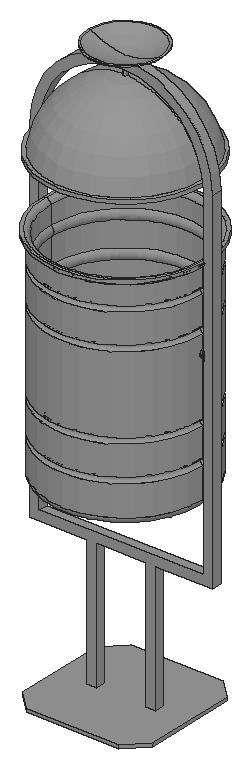
Revit family "Урна-пепельница 114", category Антураж, Revit 2017
Family settings
  На основе рабочей плоскости = Нет
  Всегда вертикально = Да
  При загрузке вырезать с полостями = Нет
  Источник визуального образа = Геометрия семейства
  Общий = Нет
  Точка расчета площади = Нет
Parameters (values of type "Урна-пепельница 114 (черный)")
  Стоимость = 2100
  Изготовитель = "ООО \"Хоббика\""
  Высота = 0 mm
  URL = "https://hobbyka.ru/product/urna-pepelnica_114/"
  ADSK_Размер_Ширина = 310 mm
  ADSK_Размер_Диаметр = 279 mm
  ADSK_Размер_Высота = 993 mm
  ADSK_Объем = 0.02 m³
  ADSK_Наименование = "Урна-пепельница 114"
  ADSK_Материал урны = Черный
  ADSK_Материал ведра = Черный
  ADSK_Код изделия = "7321"
Types (14, lengths in mm): name | Высота | ADSK_Материал ведра
  (no name) | 0 | Черный
  Урна-пепельница 114 (зеленый) | 993 | Зелёный RAL6029
  Урна-пепельница 114 (салатовый) | 993 | Салатовый RAL6018
  Урна-пепельница 114 (красный) | 993 | Красный RAL3020
  Урна-пепельница 114 (бордо) | 993 | Бордо RAL3004
  Урна-пепельница 114 (синий) | 993 | Синий RAL5002
  Урна-пепельница 114 (светло-серый) | 993 | Светло-серый RAL7035
  Урна-пепельница 114 (темно-серый) | 993 | Темно-серый RAL7040
  Урна-пепельница 114 (темный шоколад) | 993 | Темный шоколад
  Урна-пепельница 114 (черный) | 0 | Черный
  Урна-пепельница 114 (оранжевый) | 993 | Оранжевый RAL2008
  Урна-пепельница 114 (антик серебро) | 993 | Антик серебро
  Урна-пепельница 114 (антик медь) | 993 | Антик медь
  Урна-пепельница 114 (антик бронза) | 993 | Антик бронза
Reference planes
  plane 1 "По центру (Вперед/Назад)": y = 0
  plane 2: z = 0
  plane 3 "По центру (Влево/Вправо)": x = 0
  plane 4: z = 337
  plane 5: z = 993
  plane 6: z = 827
  plane 7: z = 827
Forms (mm)
  Revolve 1, solid, material "Черный" <- "ADSK_Материал ведра"
    sketch origin (0, 0, -6.062) x (1, 0, 0) y (0, 0, 1)
      loop
        arc (-126.286, 833.062) -> (-84.44, 913.363) -> (0, 946.062) r 128.361
        line (0, 946.062) -> (0, 952.062)
        arc (0, 952.062) -> (-86.416, 919.611) -> (-131.5, 839.062) r 134.361
        line (-131.5, 839.062) -> (-137.5, 839.062) -> (-137.5, 833.062) -> (-126.286, 833.062)
      axis (0, 952.062) -> (0, 833.062)
    angle from 0 to 360
  Revolve 2, solid, material "Черный" <- "ADSK_Материал урны"
    sketch origin (0, 0, -1.341) x (1, 0, 0) y (0, 0, 1)
      loop
        line (-58.728, 994.341) -> (-62, 994.341) -> (-62, 993.341) -> (-59, 993.341)
        arc (-59, 993.341) -> (-30.566, 981.165) -> (0, 976.423) r 123.709
        line (0, 976.423) -> (0, 977.423)
        arc (0, 977.423) -> (-30.434, 982.167) -> (-58.728, 994.341) r 122.709
      axis (0, 994.341) -> (0, 976.423)
    angle from 0 to 360
Dimensions and locks
  aligned and locked: level to plane 2
  aligned and locked: Revolve 2 to plane 5
Nested families
  nested 1: "урна" at (0, 0, 337), type "урна"
  nested 2: "опора_114" at (0, 0, 0), type "опора_114"
Definition of nested family "урна"
  Parameters (values of type "урна")
    Материал ведра = none
    ADSK_Антураж_Диаметр = 279 mm
  Reference planes
    plane 1 "По центру (Вперед/Назад)": y = 0
    plane 2: z = 0
    plane 3 "По центру (Влево/Вправо)": x = 0
  Forms (mm)
    Revolve 1, solid, material <- "Материал ведра"
      sketch origin (0, 0, 0) x (1, 0, 0) y (0, 0, 1)
        loop
          line (0, 0) -> (121.5, 0)
          arc (121.5, 0) -> (128.571, 2.929) -> (131.5, 10) r 10
          line (131.5, 10) -> (131.5, 62)
          arc (131.5, 62) -> (126.5, 67) -> (131.5, 72) r 5
          line (131.5, 72) -> (131.5, 122)
          arc (131.5, 122) -> (126.5, 127) -> (131.5, 132) r 5
          line (131.5, 132) -> (131.5, 262)
          arc (131.5, 262) -> (126.5, 267) -> (131.5, 272) r 5
          line (131.5, 272) -> (131.5, 322)
          arc (131.5, 322) -> (126.5, 327) -> (131.5, 332) r 5
          line (131.5, 332) -> (131.5, 363.963)
          arc (131.5, 363.963) -> (133.268, 368.232) -> (137.537, 370) r 6.037
          line (137.537, 370) -> (139.5, 370) -> (139.5, 375) -> (134.518, 375)
          arc (134.518, 375) -> (128.848, 372.652) -> (126.5, 366.982) r 8.018
          line (126.5, 366.982) -> (126.5, 335.66)
          arc (126.5, 335.66) -> (121.5, 327) -> (126.5, 318.34) r 10
          line (126.5, 318.34) -> (126.5, 275.66)
          arc (126.5, 275.66) -> (121.5, 267) -> (126.5, 258.34) r 10
          line (126.5, 258.34) -> (126.5, 135.66)
          arc (126.5, 135.66) -> (121.5, 127) -> (126.5, 118.34) r 10
          line (126.5, 118.34) -> (126.5, 75.66)
          arc (126.5, 75.66) -> (121.5, 67) -> (126.5, 58.34) r 10
          line (126.5, 58.34) -> (126.5, 15)
          arc (126.5, 15) -> (123.571, 7.929) -> (116.5, 5) r 10
          line (116.5, 5) -> (0, 5) -> (0, 0)
        axis (0, 0) -> (0, 375)
      angle from 0 to 360
  Dimensions and locks
    "ADSK_Антураж_Диаметр": diameter of Revolve 1
    aligned and locked: level to plane 2
  Automatic sketch dimensions
    Revolve 1 sketch curve to Revolve 1 sketch curve = 0 mm  (x11)
    Revolve 1 sketch curve to level = 0 mm
    Revolve 1 sketch curve to plane 3 "По центру (Влево/Вправо)" = 0 mm  (x2)
    level to Revolve 1 sketch curve = 5 mm
    plane 3 "По центру (Влево/Вправо)" to Revolve 1 sketch curve = 116.5 mm
    Revolve 1 sketch curve to Revolve 1 sketch curve = 5 mm  (x8)
    Revolve 1 sketch curve to Revolve 1 sketch curve = 3.018 mm
    Revolve 1 sketch curve to Revolve 1 sketch curve = 3.019 mm  (x2)
    Revolve 1 sketch curve to Revolve 1 sketch curve = 1.963 mm
    Revolve 1 sketch curve to Revolve 1 sketch curve = 43.34 mm
    Revolve 1 sketch curve to Revolve 1 sketch curve = 3.66 mm  (x4)
    Revolve 1 sketch curve to Revolve 1 sketch curve = 42.679 mm  (x2)
    Revolve 1 sketch curve to Revolve 1 sketch curve = 122.679 mm
    Revolve 1 sketch curve to Revolve 1 sketch curve = 28.303 mm
    Revolve 1 sketch curve to level = 40 mm
    Revolve 1 sketch curve to Revolve 1 sketch curve = 73.018 mm
Definition of nested family "опора_114"
  Parameters (values of type "опора_114")
    Материал урны = none
    ADSK_Антураж_Ширина = 310 mm
  Reference planes
    plane 1 "По центру (Вперед/Назад)": y = 0
    plane 2: z = 0
    plane 3 "По центру (Влево/Вправо)": x = 0
    plane 4: x = -50
    plane 5: x = 50
    plane 6: z = 224
    plane 7: z = 571
  Forms (mm)
    Extrusion 1, solid, material <- "Материал урны"
      sketch origin (0, 0, 0) x (1, 0, 0) y (0, 1, 0)
        loop
          line (-110, 78) -> (-110, -78) -> (-78, -110) -> (78, -110) -> (110, -78) -> (110, 78) -> (78, 110) -> (-78, 110) -> (-110, 78)
      from 0 to 5
    Extrusion 2, solid, material <- "Материал урны"
      sketch origin (0, 0, 0) x (1, 0, 0) y (0, 1, 0)
        loop
          line (-58, 7.979) -> (-58, -8.021) -> (-42, -8.021) -> (-42, 7.979) -> (-58, 7.979)
        loop
          line (42, 7.979) -> (42, -8.021) -> (58, -8.021) -> (58, 7.979) -> (42, 7.979)
      from 5 to 224
    Sweep 3, solid, material <- "Материал урны"
      path origin (0, 0, 0) x (1, 0, 0) y (0, 0, 1)
        loop
          line (-147, 232) -> (147, 232) -> (147, 820)
          arc (147, 820) -> (0, 967) -> (-147, 820) r 147
          line (-147, 820) -> (-147, 232)
      profile origin (0, 0, 232) x (0, 0, 1) y (0, -1, 0)
        loop
          line (-8, 8.021) -> (-8, -7.979) -> (8, -7.979) -> (8, 8.021) -> (-8, 8.021)
    Extrusion 4, solid, material <- "Материал урны"
      sketch origin (29.706, -1524, 959) x (0, -1, 0) y (-1, 0, 0)
        loop
          circle (-1524, 29.706) r 3
      from 0 to 13
    Extrusion 5, solid, material <- "Материал урны"
      sketch origin (139, -1524, 240) x (0, 0, -1) y (0, 1, 0)
        loop
          line (-339, 1531.979) -> (-339, 1515.979) -> (-323, 1515.979) -> (-323, 1531.979) -> (-339, 1531.979)
      from 0 to -2
    Revolve 6, solid, material <- "Материал урны"
      sketch origin (-30, 0, 0) x (-1, 0, 0) y (0, 0, 1)
        loop
          line (-167, 571) -> (-160, 571) -> (-160, 578) -> (-163, 578) -> (-163, 576) -> (-167, 576) -> (-167, 571)
        axis (-160, 571) -> (-167, 571)
      angle from 0 to 360
    Extrusion 7, solid, material <- "Материал урны"
      sketch origin (-139, -1524, 240) x (0, 0, -1) y (0, -1, 0)
        loop
          line (-339, -1531.979) -> (-323, -1531.979) -> (-323, -1515.979) -> (-339, -1515.979) -> (-339, -1531.979)
      from 0 to -2
    Revolve 8, solid, material <- "Материал урны"
      sketch origin (30, 0, 0) x (1, 0, 0) y (0, 0, 1)
        loop
          line (-167, 571) -> (-160, 571) -> (-160, 578) -> (-163, 578) -> (-163, 576) -> (-167, 576) -> (-167, 571)
        axis (-160, 571) -> (-167, 571)
      angle from 0 to 360
  Cuts and joins
    joined: Extrusion 1, Extrusion 2, Sweep 3, Extrusion 4
    joined: Extrusion 5, Revolve 6, Extrusion 7, Revolve 8
  Dimensions and locks
    equal spacing: Extrusion 1, plane 3 "По центру (Влево/Вправо)", Extrusion 1
    equal spacing: Extrusion 1, plane 1 "По центру (Вперед/Назад)", Extrusion 1
    aligned and locked: level to plane 2
    aligned and locked: plane 6 to Extrusion 2
    aligned and locked: Extrusion 2 to Extrusion 1
  Automatic sketch dimensions
    Extrusion 1 sketch curve to plane 4 = 60 mm
    Extrusion 1 sketch curve to plane 4 = 28 mm  (x2)
    plane 5 to Extrusion 1 sketch curve = 28 mm  (x2)
    Extrusion 1 sketch curve to Extrusion 1 sketch curve = 32 mm  (x4)
    plane 1 "По центру (Вперед/Назад)" to Extrusion 1 sketch curve = 110 mm
    Extrusion 1 sketch curve to plane 1 "По центру (Вперед/Назад)" = 78 mm  (x2)
    Extrusion 2 sketch curve to plane 4 = 8 mm
    plane 4 to Extrusion 2 sketch curve = 8 mm
    Extrusion 2 sketch curve to plane 5 = 8 mm
    plane 5 to Extrusion 2 sketch curve = 8 mm
    plane 1 "По центру (Вперед/Назад)" to Extrusion 2 sketch curve = 8.021 mm  (x2)
    Extrusion 2 sketch curve to plane 1 "По центру (Вперед/Назад)" = 7.979 mm  (x2)
    profile plane to Sweep 3 sketch curve = 8 mm
    Sweep 3 sketch curve to profile plane = 8 mm
    Sweep 3 sketch curve to plane 1 "По центру (Вперед/Назад)" = 7.979 mm
    plane 1 "По центру (Вперед/Назад)" to Sweep 3 sketch curve = 8.021 mm
    plane 1 "По центру (Вперед/Назад)" to Extrusion 4 sketch curve = 0 mm
    Extrusion 4 sketch curve to plane 3 "По центру (Влево/Вправо)" = 0 mm
    plane 7 to Extrusion 5 sketch curve = 8 mm
    Extrusion 5 sketch curve to plane 7 = 8 mm
    plane 1 "По центру (Вперед/Назад)" to Extrusion 5 sketch curve = 8.021 mm
    Extrusion 5 sketch curve to plane 1 "По центру (Вперед/Назад)" = 7.979 mm
    Revolve 6 sketch curve to plane 7 = 0 mm  (x2)
    Revolve 6 sketch curve to plane 5 = 87 mm
    Revolve 6 sketch curve to Revolve 6 sketch curve = 4 mm
    Revolve 6 sketch curve to Revolve 6 sketch curve = 3 mm
    Revolve 6 sketch curve to plane 7 = 5 mm
    Revolve 6 sketch curve to Revolve 6 sketch curve = 2 mm
    Revolve 6 sketch curve to Revolve 6 sketch curve = 7 mm
    Revolve 6 sketch curve to Revolve 6 sketch curve = 6 mm
    plane 7 to Extrusion 7 sketch curve = 8 mm
    Extrusion 7 sketch curve to plane 7 = 8 mm
    Extrusion 7 sketch curve to plane 1 "По центру (Вперед/Назад)" = 7.979 mm
    plane 1 "По центру (Вперед/Назад)" to Extrusion 7 sketch curve = 8.021 mm
    Revolve 8 sketch curve to plane 7 = 0 mm  (x2)
    Revolve 8 sketch curve to plane 4 = 87 mm
    Revolve 8 sketch curve to Revolve 8 sketch curve = 4 mm
    Revolve 8 sketch curve to Revolve 8 sketch curve = 3 mm
    plane 7 to Revolve 8 sketch curve = 5 mm
    Revolve 8 sketch curve to Revolve 8 sketch curve = 2 mm
    Revolve 8 sketch curve to Revolve 8 sketch curve = 7 mm
    Revolve 8 sketch curve to Revolve 8 sketch curve = 6 mm
    Sweep 3 sketch curve to plane 3 "По центру (Влево/Вправо)" = 0 mm
    plane 6 to Sweep 3 sketch curve = 8 mm
    plane 5 to Sweep 3 sketch curve = 97 mm
    plane 7 to Sweep 3 sketch curve = 249 mm
    radius of Extrusion 4 sketch curve = 3 mm
